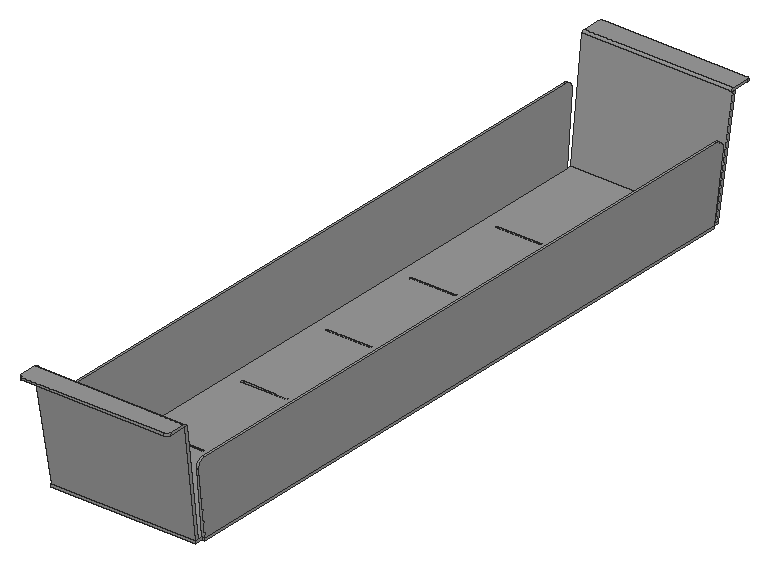
Revit family "ALMA-Theo_500_Colander", category Food Service Equipment, Revit 2026
Family settings
  Round Connector Dimension = Use Diameter
  Part Type = Normal
  Work Plane-Based = Yes
  Enable Cutting in Views = Yes
  Always vertical = Yes
  Cut with Voids When Loaded = No
  Maintain Annotation Orientation = No
  Shared = No
  Room Calculation Point = No
Parameters (values of type "STANDARD - BRUSHED STAINLESS STEEL")
  Material = BM_STAINLESS STEEL
  Default Elevation = 1219.2 mm
Reference planes
  plane 1 "Center (Front/Back)": y = 0
  plane 2: z = 0
  plane 3 "Center (Left/Right)": x = 0
  plane 4: z = 50
  plane 5: x = 48.75
  plane 6: x = -48.75
  plane 7: y = -237.505
  plane 8: y = -222.505
  plane 9: y = 237.505
  plane 10: y = 222.505
  plane 11: y = 212.505
  plane 12: y = -212.505
  plane 13: z = 0
  plane 14: z = 75
  plane 15: y = -207.505
  plane 16: y = 207.505
Forms (mm)
  Extrusion 1, void
    sketch origin (0, 0, 0) x (0, 1, 0) y (0, 0, 1)
      loop
        line (-227.537, 1.5) -> (-227.537, 0) -> (228.031, 0) -> (228.031, 1.5) -> (-227.537, 1.5)
    from -57.796 to 59.382
  Extrusion 2, solid, material "BM_STAINLESS STEEL" <- "Material"
    sketch origin (1.21, 0, 1.258) x (0, -1, 0) y (-0.025748, 0, -0.999668)
      loop
        line (-208.584, -50.041) -> (208.571, -50.041)
        arc (208.571, -50.041) -> (212.4, -48.257) -> (213.496, -44.178) r 5
        line (213.496, -44.178) -> (207.496, -1.466) -> (-207.498, -1.466) -> (-213.571, -44.681)
        arc (-213.571, -44.681) -> (-212.245, -48.447) -> (-208.584, -50.041) r 5
    from 46.018 to 47.518
  Extrusion 3, solid, material "BM_STAINLESS STEEL" <- "Material"
    sketch origin (-1.21, 0, 1.258) x (0, -1, 0) y (-0.025748, 0, 0.999668)
      loop
        arc (-208.584, 50.085) -> (-212.281, 48.451) -> (-213.562, 44.618) r 5
        line (-213.562, 44.618) -> (-207.498, 1.466) -> (207.505, 1.466) -> (213.514, 44.222)
        arc (213.514, 44.222) -> (212.418, 48.301) -> (208.589, 50.085) r 5
        line (208.589, 50.085) -> (-208.584, 50.085)
    from 46.018 to 47.518
  Extrusion 4, void
    sketch origin (0, 25.038, 14.749) x (0, 1, 0) y (0, 0, 1)
      loop
        line (197.141, 58.751) -> (199.722, 58.751) -> (199.722, 59.884) -> (197.141, 59.884) -> (197.141, 58.751)
    from -50.854 to 52.306
  Extrusion 5, void
    sketch origin (0, -25.115, 15.123) x (0, 1, 0) y (0, 0, 1)
      loop
        line (-199.415, 59.877) -> (-199.415, 58.377) -> (-197.198, 58.377) -> (-197.198, 59.877) -> (-199.415, 59.877)
    from -52.392 to 50.416
  Extrusion 6, solid, material "BM_STAINLESS STEEL" <- "Material"
    sketch origin (0, 0, 0) x (0, -1, 0) y (1, 0, 0)
      loop
        arc (-138.439, -36.749) -> (-137.689, -37.499) -> (-136.939, -36.749) r 0.75
        line (-136.939, -36.749) -> (-136.939, -8.25)
        arc (-136.939, -8.25) -> (-137.689, -7.5) -> (-138.439, -8.25) r 0.75
        line (-138.439, -8.25) -> (-138.439, -36.749)
      loop
        arc (-138.439, 8.25) -> (-137.689, 7.5) -> (-136.939, 8.25) r 0.75
        line (-136.939, 8.25) -> (-136.939, 36.749)
        arc (-136.939, 36.749) -> (-137.689, 37.499) -> (-138.439, 36.749) r 0.75
        line (-138.439, 36.749) -> (-138.439, 8.25)
      loop
        arc (-69.646, -37.456) -> (-68.896, -38.206) -> (-68.146, -37.456) r 0.75
        line (-68.146, -37.456) -> (-68.146, -8.957)
        arc (-68.146, -8.957) -> (-68.896, -8.207) -> (-69.646, -8.957) r 0.75
        line (-69.646, -8.957) -> (-69.646, -37.456)
      loop
        arc (-69.646, 7.543) -> (-68.896, 6.793) -> (-68.146, 7.543) r 0.75
        line (-68.146, 7.543) -> (-68.146, 36.042)
        arc (-68.146, 36.042) -> (-68.896, 36.792) -> (-69.646, 36.042) r 0.75
        line (-69.646, 36.042) -> (-69.646, 7.543)
      loop
        arc (-0.853, -37.456) -> (-0.103, -38.206) -> (0.647, -37.456) r 0.75
        line (0.647, -37.456) -> (0.647, -8.957)
        arc (0.647, -8.957) -> (-0.103, -8.207) -> (-0.853, -8.957) r 0.75
        line (-0.853, -8.957) -> (-0.853, -37.456)
      loop
        arc (-0.853, 7.543) -> (-0.103, 6.793) -> (0.647, 7.543) r 0.75
        line (0.647, 7.543) -> (0.647, 36.042)
        arc (0.647, 36.042) -> (-0.103, 36.792) -> (-0.853, 36.042) r 0.75
        line (-0.853, 36.042) -> (-0.853, 7.543)
      loop
        arc (67.94, -37.456) -> (68.69, -38.206) -> (69.44, -37.456) r 0.75
        line (69.44, -37.456) -> (69.44, -8.957)
        arc (69.44, -8.957) -> (68.69, -8.207) -> (67.94, -8.957) r 0.75
        line (67.94, -8.957) -> (67.94, -37.456)
      loop
        arc (67.94, 7.543) -> (68.69, 6.793) -> (69.44, 7.543) r 0.75
        line (69.44, 7.543) -> (69.44, 36.042)
        arc (69.44, 36.042) -> (68.69, 36.792) -> (67.94, 36.042) r 0.75
        line (67.94, 36.042) -> (67.94, 7.543)
      loop
        arc (136.733, -37.456) -> (137.483, -38.206) -> (138.233, -37.456) r 0.75
        line (138.233, -37.456) -> (138.233, -8.957)
        arc (138.233, -8.957) -> (137.483, -8.207) -> (136.733, -8.957) r 0.75
        line (136.733, -8.957) -> (136.733, -37.456)
      loop
        arc (136.733, 7.543) -> (137.483, 6.793) -> (138.233, 7.543) r 0.75
        line (138.233, 7.543) -> (138.233, 36.042)
        arc (138.233, 36.042) -> (137.483, 36.792) -> (136.733, 36.042) r 0.75
        line (136.733, 36.042) -> (136.733, 7.543)
      loop
        line (207.505, -48.75) -> (207.505, -47.249) -> (212.505, -47.249) -> (212.505, 47.249) -> (207.505, 47.249) -> (207.505, 48.75) -> (-207.498, 48.75) -> (-207.498, 47.249) -> (-212.505, 47.249) -> (-212.505, -47.249) -> (-207.498, -47.249) -> (-207.498, -48.75) -> (207.505, -48.75)
    from 0 to 1.5
  Extrusion 7, solid, material "BM_STAINLESS STEEL" <- "Material"
    sketch origin (0, 25, 15) x (1, 0, 0) y (0, 1, 0)
      loop
        arc (-46.249, 212.505) -> (-48.017, 211.773) -> (-48.749, 210.005) r 2.5
        line (-48.749, 210.005) -> (-48.749, 197.505) -> (48.749, 197.505) -> (48.749, 210.005)
        arc (48.749, 210.005) -> (48.017, 211.773) -> (46.249, 212.505) r 2.5
        line (46.249, 212.505) -> (-46.249, 212.505)
    from 58.5 to 60
  Sweep 8, void
    path in 3D
      loop
        line (-48.749, 222.505, 75) -> (48.749, 222.505, 75)
    profile origin (0, 222.505, 75) x (0, 1, 0) y (0, 0, 1)
      loop
        line (1.6, 0) -> (0, 0) -> (0, -1.6)
        arc (0, -1.6) -> (0.469, -0.469) -> (1.6, 0) r 1.6
  Extrusion 9, solid, material "BM_STAINLESS STEEL" <- "Material"
    sketch origin (0, -25, 15) x (1, 0, 0) y (0, 1, 0)
      loop
        line (-46.249, -212.505) -> (46.249, -212.505)
        arc (46.249, -212.505) -> (48.017, -211.773) -> (48.749, -210.005) r 2.5
        line (48.749, -210.005) -> (48.749, -197.505) -> (-48.749, -197.505) -> (-48.749, -210.005)
        arc (-48.749, -210.005) -> (-48.017, -211.773) -> (-46.249, -212.505) r 2.5
    from 58.5 to 60
  Sweep 10, void
    path in 3D
      loop
        line (48.749, -222.505, 75) -> (-48.749, -222.505, 75)
    profile origin (0, -222.505, 75) x (0, -1, 0) y (0, 0, 1)
      loop
        line (1.6, 0) -> (0, 0) -> (0, -1.6)
        arc (0, -1.6) -> (0.469, -0.469) -> (1.6, 0) r 1.6
  Extrusion 11, solid, material "BM_STAINLESS STEEL" <- "Material"
    sketch origin (0, 24.721, 30.522) x (1, 0, 0) y (0, -0.158129, -0.987419)
      loop
        line (-49.125, -74.671) -> (49.127, -74.671) -> (47.211, -0.256) -> (-47.202, -0.256) -> (-49.125, -74.671)
    from 188.5 to 190
  Extrusion 12, solid, material "BM_STAINLESS STEEL" <- "Material"
    sketch origin (0, -24.727, 30.562) x (1, 0, 0) y (0, -0.158343, 0.987384)
      loop
        line (-49.118, 74.484) -> (-47.148, 0.317) -> (47.21, 0.317) -> (49.121, 74.484) -> (-49.118, 74.484)
    from 188.5 to 190
Cuts and joins
  Sweep 8 cuts Extrusion 7
  Sweep 10 cuts Extrusion 9
  Extrusion 1, Extrusion 4 cuts Extrusion 11
  Extrusion 1, Extrusion 5 cuts Extrusion 12
Lines and regions (mm)
  sketch lines
    curve 1: line (-48.749, 222.505, 75) -> (48.749, 222.505, 75)
    curve 2: line (48.749, -222.505, 75) -> (-48.749, -222.505, 75)
Text (mm)
  text "Refer to www.buildmat.com.au for the most current product literature. \nAllow a +/- 5mm tolerance for dimensions shown in the product literature. \nPlease note product details are subject to change due to ongoing product development." at (-23.416, -485.673, 0), in view "Ref. Level"
Dimensions and locks
  plane 6 to plane 5 = 97.5 mm
  plane 9 to plane 7 = 475.011 mm
  angle Extrusion 3 sketch curve to Extrusion 3 sketch curve = 98.0026°  (x2)
  aligned and locked: level to plane 2
